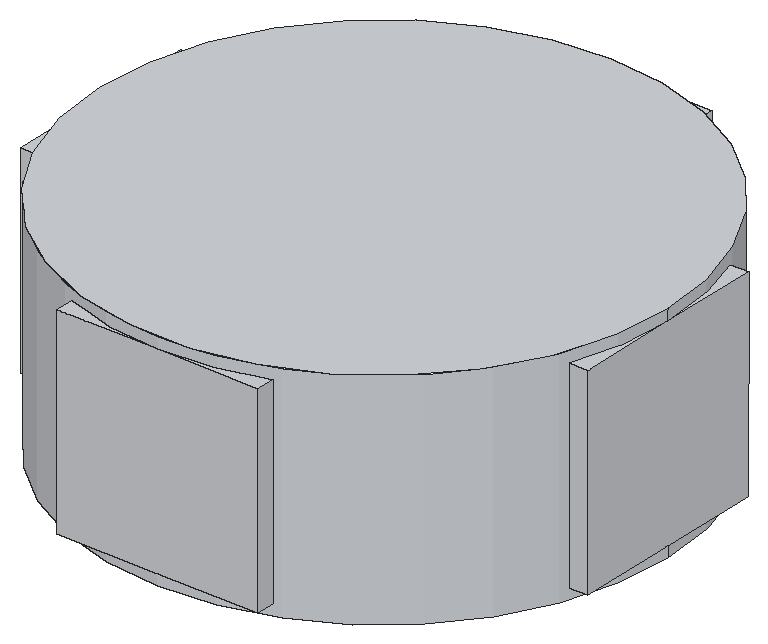
Revit family "M_Caixa redonda - Cinco saídas - Alumínio", category Conexões do conduite, Revit 2019
Family settings
  Cota do conector redondo = Usar raio
  Tipo de parte = Múltiplas portas
  Número OmniClass = 23.80.30.17.11
  Título OmniClass = Conduits
  ID de item do Seek = Round Box - Five Outlets - Aluminum-0000-CAN-ENU
  Com base no plano de trabalho = Não
  Sempre na vertical = Sim
  Corte com vazios quando carregada = Não
  Compartilhado = Não
Parameters (values of type "Padrão")
  Largura 1 [instance] = Espessura da caixa * 0.45  # 18.45 mm
  Raio nominal 5 [instance] = 8 mm
  Raio nominal 4 [instance] = 8 mm
  Raio nominal 3 [instance] = 8 mm
  Raio nominal 2 [instance] = 8 mm
  Diâmetro nominal 5 [instance] = Raio nominal 5 * 2  # 16 mm
  Diâmetro nominal 4 [instance] = Raio nominal 4 * 2  # 16 mm
  Diâmetro nominal 3 [instance] = Raio nominal 3 * 2  # 16 mm
  Diâmetro nominal 2 [instance] = Raio nominal 2 * 2  # 16 mm
  Diâmetro nominal máximo 34 [instance] = if(Diâmetro nominal 3 > Diâmetro nominal 4, Diâmetro nominal 3, Diâmetro nominal 4)  # 16 mm
  Diâmetro nominal máximo 1235 [instance] = if(Diâmetro nominal máximo 1234 > Diâmetro nominal 5, Diâmetro nominal máximo 1234, Diâmetro nominal 5)  # 16 mm
  Diâmetro nominal máximo 1234 [instance] = if(Diâmetro nominal máximo 12 > Diâmetro nominal máximo 34, Diâmetro nominal máximo 12, Diâmetro nominal máximo 34)  # 16 mm
  Diâmetro nominal máximo 12 [instance] = if(Diâmetro nominal 1 > Diâmetro nominal 2, Diâmetro nominal 1, Diâmetro nominal 2)  # 16 mm
  Espessura da caixa [instance] = if(not(Diâmetro nominal máximo 1235 > 27 mm), 41 mm, if(Diâmetro nominal máximo 1235 < 155 mm, 155 mm, Diâmetro nominal máximo 1235 * 1.2))  # 41 mm
  Raio da caixa [instance] = if(not(Diâmetro nominal máximo 1235 > 27 mm), 52 mm, 3 * Diâmetro nominal máximo 1235)  # 52 mm
  Raio nominal 1 [instance] = 8 mm
  Diâmetro nominal 1 [instance] = Raio nominal 1 * 2  # 16 mm
Reference planes
  plane 1 "Centro (Frente/Trás)": y = 0
  plane 2: z = 0
  plane 3 "Centro (Esquerda/Direita)": x = 0
  plane 4: z = -20.5
  plane 5: z = 20.5
  plane 6: y = 52
  plane 7: y = -52
  plane 8: x = -52
  plane 9: x = 52
  plane 10: y = 18.45
  plane 11: y = -18.45
  plane 12: z = 18.45
  plane 13: z = -18.45
  plane 14: x = -18.45
  plane 15: x = 18.45
Forms (mm)
  Extrusion 1, solid
    sketch origin (0, 0, 0) x (1, 0, 0) y (0, 1, 0)
      loop
        circle (0, 0) r 52
    from -20.5 to 20.5
  Extrusion 2, solid
    sketch origin (0, 0, 0) x (1, 0, 0) y (0, 0, 1)
      loop
        circle (0, 0) r 8
    from -52 to 52
  Extrusion 3, solid
    sketch origin (0, 0, 0) x (0, 1, 0) y (0, 0, 1)
      loop
        circle (0, 0) r 8
    from -52 to 52
  Extrusion 4, solid
    sketch origin (0, 0, 0) x (0, 1, 0) y (0, 0, 1)
      loop
        line (18.45, 18.45) -> (-18.45, 18.45) -> (-18.45, -18.45) -> (18.45, -18.45) -> (18.45, 18.45)
    from -52 to 52
  Extrusion 5, solid
    sketch origin (0, 0, 0) x (1, 0, 0) y (0, 0, 1)
      loop
        line (-18.45, 18.45) -> (-18.45, -18.45) -> (18.45, -18.45) -> (18.45, 18.45) -> (-18.45, 18.45)
    from -52 to 52
Cuts and joins
  joined: Extrusion 1, Extrusion 2, Extrusion 3, Extrusion 4, Extrusion 5
Dimensions and locks
  equal spacing: plane 5, plane 2, plane 4
  locked: level to plane 2
  "Espessura da caixa": plane 5 to plane 4
  "Raio da caixa": plane 6 to plane 1 "Centro (Frente/Trás)"
  "Raio da caixa": plane 1 "Centro (Frente/Trás)" to plane 7
  "Raio da caixa": plane 3 "Centro (Esquerda/Direita)" to plane 9
  "Raio da caixa": plane 8 to plane 3 "Centro (Esquerda/Direita)"
  "Largura 1": plane 12 to plane 2
  "Largura 1": plane 2 to plane 13
  "Largura 1": plane 1 "Centro (Frente/Trás)" to plane 11
  "Largura 1": plane 10 to plane 1 "Centro (Frente/Trás)"
  "Largura 1": plane 3 "Centro (Esquerda/Direita)" to plane 14
  "Largura 1": plane 15 to plane 3 "Centro (Esquerda/Direita)"
  "Raio da caixa": radius of Extrusion 1 sketch curve
  "Raio nominal 1": radius of Extrusion 2 sketch curve
  "Raio nominal 1": radius of Extrusion 3 sketch curve
  aligned and locked: plane 1 "Centro (Frente/Trás)" to Extrusion 1 sketch curve
  aligned and locked: plane 3 "Centro (Esquerda/Direita)" to Extrusion 1 sketch curve
  aligned and locked: Extrusion 1 to plane 4
  aligned and locked: plane 5 to Extrusion 1
  aligned and locked: plane 2 to Extrusion 2 sketch curve
  aligned and locked: plane 3 "Centro (Esquerda/Direita)" to Extrusion 2 sketch curve
  aligned and locked: plane 6 to Extrusion 2
  aligned and locked: Extrusion 2 to plane 7
  aligned and locked: plane 2 to Extrusion 3 sketch curve
  aligned and locked: plane 1 "Centro (Frente/Trás)" to Extrusion 3 sketch curve
  aligned and locked: Extrusion 3 to plane 8
  aligned and locked: plane 9 to Extrusion 3
  aligned and locked: plane 12 to Extrusion 4 sketch curve
  aligned and locked: Extrusion 4 sketch curve to plane 10
  aligned and locked: Extrusion 4 sketch curve to plane 13
  aligned and locked: plane 11 to Extrusion 4 sketch curve
  aligned and locked: Extrusion 4 to plane 8
  aligned and locked: plane 9 to Extrusion 4
  aligned and locked: Extrusion 5 sketch curve to plane 12
  aligned and locked: plane 14 to Extrusion 5 sketch curve
  aligned and locked: plane 13 to Extrusion 5 sketch curve
  aligned and locked: Extrusion 5 sketch curve to plane 15
  aligned and locked: plane 6 to Extrusion 5
  aligned and locked: Extrusion 5 to plane 7
Connectors
  cabletrayconduit at (-52, 0, 0), diameter 16, driven by "Raio nominal 1"
    settings: on cut or joined group of Extrusion 1, Extrusion 2, Extrusion 3, Extrusion 4, Extrusion 5, index 1, connector width 304.8 mm, connector height 304.8 mm, connector angle 0.00°, system type 32, placement type 0, profile type 0, connector reference index 2, is primary connector yes, connector utility param no, connector description ""
  cabletrayconduit at (52, 0, 0), diameter 16, driven by "Raio nominal 2"
    settings: on cut or joined group of Extrusion 1, Extrusion 2, Extrusion 3, Extrusion 4, Extrusion 5, index 2, connector width 304.8 mm, connector height 304.8 mm, connector angle 0.00°, system type 32, placement type 0, profile type 0, connector reference index 1, is primary connector no, connector utility param no, connector description ""
  cabletrayconduit at (0, -52, 0), diameter 16, driven by "Raio nominal 3"
    settings: on cut or joined group of Extrusion 1, Extrusion 2, Extrusion 3, Extrusion 4, Extrusion 5, index 3, connector width 304.8 mm, connector height 304.8 mm, connector angle 0.00°, system type 32, placement type 0, profile type 0, connector reference index 4, is primary connector no, connector utility param no, connector description ""
  cabletrayconduit at (0, 52, 0), diameter 16, driven by "Raio nominal 4"
    settings: on cut or joined group of Extrusion 1, Extrusion 2, Extrusion 3, Extrusion 4, Extrusion 5, index 4, connector width 304.8 mm, connector height 304.8 mm, connector angle 0.00°, system type 32, placement type 0, profile type 0, connector reference index 3, is primary connector no, connector utility param no, connector description ""
  cabletrayconduit at (0, 0, -20.5), diameter 16, driven by "Raio nominal 5"
    settings: on cut or joined group of Extrusion 1, Extrusion 2, Extrusion 3, Extrusion 4, Extrusion 5, index 5, connector width 304.8 mm, connector height 304.8 mm, connector angle 0.00°, system type 32, placement type 0, profile type 0, connector reference index -1, is primary connector no, connector utility param no, connector description ""
